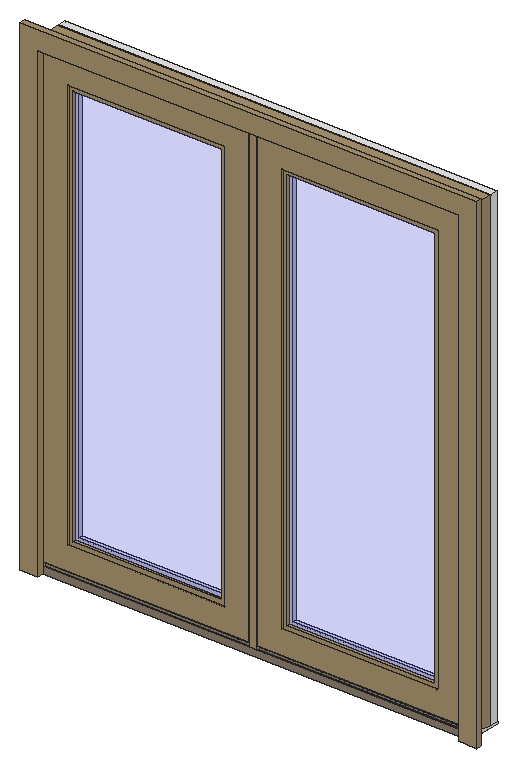
Revit family "Door-In-Swing-Pella-Architect-Contemporary-Double-9", category Doors, host Wall, Revit 2013
Parameters (values of type "default load type catalog")
  Warranty = "https://content.pella.com/cs/groups/public/documents/document/mdaw/mde3/~edisp/pel-017828.pdf?_ga=1.89380059.1797906072.1467308852"
  Vertical Mullions = if(and(Traditional Lites Wide < Max Lites, Traditional Lites Wide > 2), Traditional Lites Wide - 1, if(or(Traditional Lites Wide = Max Lites, Traditional Lites Wide > Max Lites), Max Lites - 1, 2))  # 2
  Vertical Grille Offset = Vertical Grille Spacing  # 0' - 8 1/4"
  Vertical Grille Spacing = Panel Grille Width / (Vertical Mullions + 1)  # 0' - 8 1/4"
  URL = "http://professional.pella.com"
  Type Comments = if(Fixed Panel, "Active/Fixed", "Active/Passive")  # "Active/Passive"
  Traditional Lites Wide = 2
  Traditional Lites High = 5
  Traditional Grille Single Vertical = and(Traditional Lites Wide = 2, Traditional Grille)  # no
  Traditional Grille Single Horizontal = and(Traditional Lites High = 2, Traditional Grille)  # no
  Trim = yes
  Traditional Grille Vertical Array = and(Traditional Lites Wide > 2, Traditional Grille)  # no
  Traditional Grille Horizontal Array = and(Traditional Lites High > 2, Traditional Grille)  # no
  Traditional Grille = no
  Thickness = if(Requested Frame Depth < 0' 6", 0' 5 7/8", if(Requested Frame Depth < 0' 7", 0' 6", if(Requested Frame Depth < 0' 8", 0' 7 7/8", 0' 8 5/8")))  # 0' - 5 7/8"
  Specification = "http://media.pella.com/professional/adm/Wood-CSI_Specs/08213.rtf"
  Sill Height = 0' - 5 7/8"  # constant formula
  Rough Width = Width + 0' 0 3/4"  # 6' - 0 3/4"
  Rough Height = Height + 0' 0 3/4"  # 6' - 8 1/4"
  Requested Width = 6' - 0"
  Requested Height = 6' - 7 1/2"
  Requested Frame Depth = 0' - 5 7/8"
  Product Page URL = "http://professional.pella.com/doors/product-details/in-swing-patio-architect"
  Product Name = "Architect Series"  # constant formula
  Product Documentation Link = "http://media.pella.com/professional/adm/Clad-Wood/IS_ASSZTAB.pdf"
  Prairie Offset = 0' - 3 11/16"  # constant formula
  Prairie Grille = no
  Panel Width = (Width - 0' 2 1/4" - Center Thickness) / 2  # 2' - 10 1/8"
  Panel Height = Height - 0' 2 15/16"  # 6' - 4 9/16"
  Panel Grille Width = Panel Width - 0' 4 11/16" * 2  # 2' - 0 3/4"
  Operation = if(Fixed Panel, "Fixed", "In-Swing")  # "In-Swing"
  Operable = not(Fixed Panel)  # yes
  Offset = 0' - 0"
  Nail Fin = yes
  Model = if(Fixed Panel, "Contemporary Inswing Active/Fixed", "Contemporary Inswing Active/Passive")  # "Contemporary Inswing Active/Passive"
  Min Width = 4' - 2"  # constant formula
  Min Height = 6' - 7 1/2"  # constant formula
  Max Width = 6' - 3"  # constant formula
  Max Lites = 10  # constant formula
  Max Height = 9' - 11 1/2"  # constant formula
  Manufacturer = "Pella"  # constant formula
  Interior Sill = Wood-Pella-Interior_Sill
  Interior Finish = Wood-Pella-Pine
  Inset = 0' - 0"
  Horizontal Mullions = if(and(Traditional Lites High < Max Lites, Traditional Lites High > 3), Traditional Lites High - 1, if(or(Traditional Lites High = Max Lites, Traditional Lites High > Max Lites), Max Lites - 1, 2))  # 4
  Horizontal Grille Spacing = Grille Height / (Horizontal Mullions + 1)  # 1' - 1.4625"
  Horizontal Grille Offset = Horizontal Grille Spacing  # 1' - 1.4625"
  Grille Width = 0' - 0 7/8"  # constant formula
  Grille Height = Height - (Sill Height + 0' 6 5/16")  # 5' - 7 5/16"
  Glass Thickness = 0' - 0 103/128"  # constant formula
  Glass = Glass-Pella-Low_E-Argon
  Function = Exterior
  Frame Projection Ext. = 0' - 1"
  Frame Projection Int. = 0' - 1"
  Frame Width = 0' - 3"
  Height = if(and(Requested Height < Max Height, Requested Height > Min Height), Requested Height, if(or(Requested Height = Max Height, Requested Height > Max Height), Max Height, Min Height))  # 6' - 7 1/2"
  Wall Closure = By host
  Width = if(and(Requested Width < Max Width, Requested Width > Min Width), Requested Width, if(or(Requested Width = Max Width, Requested Width > Max Width), Max Width, Min Width))  # 6' - 0"
  Fixed Panel = no
  Exterior Finish = Aluminum-Pella-EnduraClad-White
  Energy Star = "http://www.pella.com/features-options/energy-efficiency/energy-star/"
  Description = "In-Swing Patio Door"  # constant formula
  Center Thickness = 0' - 1 1/2"  # constant formula
  Assembly Code = "B2030130"
Reference planes (in)
  plane 1 "Center (Front/Back)": y = 0
  plane 2 "Center (Left/Right)": x = 0
  plane 3 "Left": x = -36
  plane 4 "Right": x = 36
  plane 5 "Top": z = 79.5
  plane 6 "Exterior": y = 3
  plane 7 "Interior": y = -3
  plane 8 "Front": y = 2.875
  plane 9 "Back": y = -3
  plane 10 "Glass Front": y = -1.48091
  plane 11 "Glass Back": y = -2.28559
  plane 12 "Glass Right": x = 30.68812
  plane 13 "Glass Left": x = -30.68812
  plane 14 "Glass Top": z = 74.18812
  plane 15 "Glass Bottom": z = 5.875
  plane 16 "Inset": y = -3
  plane 17 "Nail Fin": y = 1.57891
  plane 18 "Grille Bottom": z = 6.374
  plane 19 "Grille Top": z = 73.68762
  plane 20 "Grille Right": x = 30.18762
  plane 21 "Grille Left": x = -30.18762
  plane 22 "Front of Panel": y = -0.87853
  plane 23 "Center Left": x = -0.75
  plane 24 "Center Right": x = 0.75
  plane 25 "Grille Center Left": x = -5.43738
  plane 26 "Grille Center Right": x = 5.43738
Forms (in)
  Extrusion 1, solid, material "Wood-Pella-Pine" <- "Interior Finish", visible <- "Trim"
    sketch origin (-90, -3, 0) x (1, 0, 0) y (0, 0, 1)
      loop
        line (55, 0) -> (55, 78.5) -> (125, 78.5) -> (125, 0) -> (128, 0) -> (128, 81.5) -> (52, 81.5) -> (52, 0) -> (55, 0)
    from 0 to 1
  Extrusion 2, solid, material "Aluminum-Pella-EnduraClad-White" <- "Exterior Finish", detail levels medium+fine
    sketch origin (0, 0, 0) x (0, 1, 0) y (0, 0, 1)
      loop
        line (2.875, 0) -> (2.875, 0.3) -> (1.09367, 0.3) -> (-0.95217, 0.74866) -> (-0.95217, 1.30643) -> (-1.02217, 1.30643) -> (-1.02217, 0.76401) -> (-1.404, 0.84774) -> (-1.404, 0) -> (2.875, 0)
    from -36 to 36
  Sweep 3, solid, material "Aluminum-Pella-EnduraClad-White" <- "Exterior Finish", detail levels medium+fine
    path origin (0, 2.875, 0) x (-1, 0, 0) y (0, 0, 1)
      loop
        line (36, 0.3) -> (36, 79.5) -> (-36, 79.5) -> (-36, 0.3)
    profile origin (-36, 2.875, 39.9) x (1, 0, 0) y (0, 1, 0)
      loop
        line (0.197, 0) -> (0.197, -0.377) -> (0.09, -0.377) -> (0.09, -0.05547) -> (0, -0.05547) -> (0, -1.39263) -> (1, -1.39263) -> (1, -3.48051) -> (1.54788, -3.48051) -> (1.54788, -1.34227) -> (0.79016, -1.34227) -> (0.79016, -0.05582) -> (0.56176, -0.05582) -> (0.38618, 0) -> (0.197, 0)
  Extrusion 4, solid, material "Aluminum-Pella-EnduraClad-White" <- "Exterior Finish", detail levels coarse
    sketch origin (0, -1.48091, 0) x (-1, 0, 0) y (0, 0, 1)
      loop
        line (-36, 0) -> (36, 0) -> (36, 79.5) -> (-36, 79.5) -> (-36, 0)
      loop
        line (-34.45212, 1.36422) -> (34.45212, 1.36422) -> (34.45212, 77.95212) -> (-34.45212, 77.95212) -> (-34.45212, 1.36422)
    from 0 to 4.35591
  Extrusion 5, solid, material "Aluminum-Pella-EnduraClad-White" <- "Exterior Finish", detail levels coarse
    sketch origin (0, -1.48091, 0) x (-1, 0, 0) y (0, 0, 1)
      loop
        line (-30.18762, 6.374) -> (-5.43738, 6.374) -> (-5.43738, 73.68762) -> (-30.18762, 73.68762) -> (-30.18762, 6.374)
      loop
        line (30.18762, 73.68762) -> (5.43738, 73.68762) -> (5.43738, 6.374) -> (30.18762, 6.374) -> (30.18762, 73.68762)
      loop
        line (-34.45212, 77.95212) -> (-34.45212, 1.36422) -> (34.45212, 1.36422) -> (34.45212, 77.95212) -> (-34.45212, 77.95212)
    from 0 to 0.60238
  Extrusion 6, solid, material "Wood-Pella-Pine" <- "Interior Finish", detail levels coarse
    sketch origin (0, -3, 0) x (1, 0, 0) y (0, 0, 1)
      loop
        line (30.18762, 73.68762) -> (5.43738, 73.68762) -> (5.43738, 6.374) -> (30.18762, 6.374) -> (30.18762, 73.68762)
      loop
        line (-30.18762, 6.374) -> (-5.43738, 6.374) -> (-5.43738, 73.68762) -> (-30.18762, 73.68762) -> (-30.18762, 6.374)
      loop
        line (36, 0) -> (36, 79.5) -> (-36, 79.5) -> (-36, 0) -> (36, 0)
    from -1.51909 to 0
  Extrusion 7, solid, material "Wood-Pella-Interior_Sill" <- "Interior Sill", detail levels medium+fine
    sketch origin (-30.68812, 0, 0) x (0, -1, 0) y (0, 0, 1)
      loop
        line (1.404, 0) -> (3, 0) -> (3, 1.0955) -> (2.69625, 1.0955) -> (2.69625, 1.48777) -> (1.76928, 1.48777) -> (1.404, 1.12249) -> (1.404, 0)
    from -65.68812 to 4.31188
  Sweep 8, solid, material "Wood-Pella-Pine" <- "Interior Finish", detail levels medium+fine
    path origin (0, -3, 0) x (-1, 0, 0) y (0, 0, 1)
      loop
        line (36, 0) -> (36, 79.5) -> (-36, 79.5) -> (-36, 0)
    profile origin (-36, -3, 39.75) x (1, 0, 0) y (0, 1, 0)
      loop
        line (0, 0) -> (1, 0) -> (1, 4.48237) -> (0, 4.48237) -> (0, 0)
  Extrusion 9, solid, material "Wood-Pella-Pine" <- "Interior Finish", detail levels medium+fine
    sketch origin (0, 0, 5.875) x (0, 1, 0) y (-1, 0, 0)
      loop
        line (-3, -0.625) -> (-0.60612, -0.625) -> (-0.60612, 0.625) -> (-3, 0.625) -> (-3, -0.625)
    from -4.7795 to 73.625
  Extrusion 10, solid, material "Aluminum-Pella-EnduraClad-White" <- "Exterior Finish", detail levels medium+fine
    sketch origin (0, 0, 5.875) x (0, 1, 0) y (-1, 0, 0)
      loop
        line (-0.60612, 1.11775) -> (-0.60612, -1.11775) -> (1.13079, -1.11775) -> (1.13079, -1.18719) -> (1.50788, -1.18719) -> (1.50788, 1.18719) -> (1.13079, 1.18719) -> (1.13079, 1.11775) -> (-0.60612, 1.11775)
    from -5.875 to 72.07712
Cuts and joins
  joined: Sweep 8, Extrusion 9
Lines and regions (in)
  Opening 1
    outline origin (-90, -3, 0) x (1, 0, 0) y (0, 0, 1)
      loop
        line (54, 0) -> (126, 0) -> (126, 79.5) -> (54, 79.5) -> (54, 0)
  symbolic lines, style "Doors"
    curve 1: line (34.875, -3, 5.875) -> (32.78125, -3, 5.875)
    curve 2: line (34.875, -37.125, 5.875) -> (34.875, -3, 5.875)
    curve 3: line (32.78125, -37.125, 5.875) -> (34.875, -37.125, 5.875)
    curve 4: line (32.78125, -3, 5.875) -> (32.78125, -37.125, 5.875)
  symbolic lines, style "Elevation Swing", visible <- "Operable"
    curve 5: line (0, 2.875, 39.75) -> (-36, 2.875, 79.5)
    curve 6: line (0, 2.875, 39.75) -> (-36, 2.875, 0)
    curve 12: arc (-34.875, -37.125, 5.875) -> (-10.74498, -27.13002, 5.875) -> (-0.75, -3, 5.875) r 34.125
  symbolic lines, style "Elevation Swing"
    curve 7: arc (34.875, -37.125, 5.875) -> (10.74498, -27.13002, 5.875) -> (0.75, -3, 5.875) r 34.125
    curve 13: line (0, 2.875, 39.75) -> (36, 2.875, 79.5)
    curve 14: line (0, 2.875, 39.75) -> (36, 2.875, 0)
  symbolic lines, style "Doors", visible <- "Operable"
    curve 8: line (-34.875, -3, 5.875) -> (-32.78125, -3, 5.875)
    curve 9: line (-34.875, -37.125, 5.875) -> (-34.875, -3, 5.875)
    curve 10: line (-32.78125, -37.125, 5.875) -> (-34.875, -37.125, 5.875)
    curve 11: line (-32.78125, -3, 5.875) -> (-32.78125, -37.125, 5.875)
  model lines, detail levels coarse
    curve 15: line (1.18719, -0.87853, 0) -> (1.18719, -0.87853, 79.5)
    curve 16: line (-1.18719, -0.87853, 0) -> (-1.18719, -0.87853, 79.5)
Text (in)
  text "Exterior" at (-74.96733, 27.31104, 0), in view "Ref. Level"
  text "Interior" at (-74.96733, -25.14366, 0), in view "Ref. Level"
  text "Exterior" at (0, 40.15149, 123.01588), in view "Right"
  text "Interior" at (0, -64.39139, 123.01588), in view "Right"
  text "Interior" at (0, -31.01599, 123.00693), in view "Left"
  text "Exterior" at (0, 54.57065, 123.00693), in view "Left"
Dimensions and locks (in)
  equal spacing: plane 3 "Left", plane 2 "Center (Left/Right)", plane 4 "Right"
  "Height": level to plane 5 "Top"
  "Width": plane 3 "Left" to plane 4 "Right"
  "Frame Width": Extrusion 1 sketch curve to Extrusion 1 sketch curve  (x3)
  "Frame Projection Int.": Extrusion 1 to host wall
  "Glass Thickness": plane 11 "Glass Back" to plane 10 "Glass Front"
  locked: plane 11 "Glass Back" to plane 9 "Back" at 0.71441
  plane 3 "Left" to plane 13 "Glass Left" to plane 21 "Grille Left" = 0' - 5.31188" locked, 0' - 0.5005" locked
  locked: plane 18 "Grille Bottom" to plane 15 "Glass Bottom" at 0.499
  plane 19 "Grille Top" to plane 14 "Glass Top" to plane 5 "Top" = 0' - 0.5005" locked, 0' - 5.31188" locked
  level to Sweep 3 sketch curve to Sweep 3 sketch curve = 0' - 0.3" locked, 0' - 0" locked
  "Inset": plane 7 "Interior" to plane 16 "Inset"
  locked: plane 8 "Front" to plane 17 "Nail Fin" at 1.29609
  "Thickness": plane 8 "Front" to plane 9 "Back"
  "Offset": plane 9 "Back" to plane 16 "Inset"
  locked: Extrusion 4 sketch curve to plane 5 "Top" at 1.54788
  level to Extrusion 4 sketch curve = 0' - 1.36422"
  locked: Extrusion 4 sketch curve to plane 4 "Right" at 1.54788
  locked: plane 3 "Left" to Extrusion 4 sketch curve at 1.54788
  locked: level to Extrusion 5 sketch curve at 1.36422
  locked: Extrusion 5 sketch curve to plane 5 "Top" at 1.54788
  locked: Extrusion 5 sketch curve to plane 4 "Right" at 1.54788
  locked: plane 3 "Left" to Extrusion 5 sketch curve at 1.54788
  "Prairie Offset": plane 18 "Grille Bottom" to nested 5
  "Prairie Offset": nested 6 to plane 19 "Grille Top"
  "Prairie Offset": nested 7 to plane 21 "Grille Left"
  "Prairie Offset": nested 8 to plane 20 "Grille Right"
  equal spacing: plane 15 "Glass Bottom", nested 9, plane 14 "Glass Top"
  "Horizontal Grille Offset": plane 15 "Glass Bottom" to nested 11
  equal spacing: group 1, group 2, group 5, group 6  (x3)
  "Horizontal Grille Spacing": nested 11 to nested 12
  locked: plane 20 "Grille Right" to nested 12 at 0
  "Vertical Grille Offset": plane 21 "Grille Left" to nested 13
  group 3 to group 4 = 0' - 8 1/4"
  group 3 to group 4 = 0' - 0"
  group 4 to group 3 = 0' - 0"
  locked: nested 14 to plane 10 "Glass Front" at 0
  "Vertical Grille Spacing": nested 13 to nested 14
  Extrusion 2 sketch curve to Extrusion 2 sketch curve to Extrusion 2 sketch curve to Extrusion 2 sketch curve to plane 9 "Back" = 0' - 2.04583" locked, 0' - 0.07" locked, 0' - 0.38183" locked, 0' - 1.596" locked
  Extrusion 2 sketch curve to Extrusion 2 sketch curve to Extrusion 2 sketch curve to Extrusion 2 sketch curve to Extrusion 2 sketch curve to level = 0' - 0.45869" locked, 0' - 0.08374" locked, 0' - 0.01535" locked, 0' - 0.44865" locked, 0' - 0.3" locked
  plane 20 "Grille Right" to plane 12 "Glass Right" to plane 4 "Right" = 0' - 0.5005" locked, 0' - 5.31188" locked
  locked: plane 10 "Glass Front" to nested 10 at 0
  Extrusion 7 sketch curve to Extrusion 7 sketch curve to Extrusion 7 sketch curve to plane 9 "Back" = 0' - 0.36528" locked, 0' - 0.92698" locked, 0' - 0.30375" locked
  Extrusion 7 sketch curve to Extrusion 7 sketch curve to Extrusion 7 sketch curve to level = 0' - 0.36528" locked, 0' - 0.02699" locked, 0' - 1.0955" locked
  locked: plane 3 "Left" to Sweep 8 sketch curve at 1
  locked: plane 8 "Front" to Sweep 8 sketch curve at 1.39263
  "Sill Height": plane 15 "Glass Bottom" to level
  plane 3 "Left" to Sweep 3 sketch curve to Sweep 3 sketch curve to Sweep 3 sketch curve to Sweep 3 sketch curve to Sweep 3 sketch curve to Sweep 3 sketch curve = 0' - 0.09" locked, 0' - 0.107" locked, 0' - 0.36476" locked, 0' - 0.22839" locked, 0' - 0.20984" locked, 0' - 0.54788" locked
  plane 8 "Front" to Sweep 3 sketch curve to Sweep 3 sketch curve to Sweep 3 sketch curve to Sweep 3 sketch curve to Sweep 3 sketch curve = 0' - 0.05547" locked, 0' - 0.00035" locked, 0' - 0.32118" locked, 0' - 0.96527" locked, 0' - 0.05035" locked
  curve 4 to curve 2 to plane 4 "Right" = 0' - 2 3/32" locked, 0' - 1 1/8" locked
  "Panel Width": curve 3 to plane 9 "Back"
  locked: Sweep 3 sketch curve to plane 9 "Back" at 2.39449
  locked: nested 4 to plane 9 "Back" at 0
  locked: plane 3 "Left" to Extrusion 7 at 1
  locked: plane 4 "Right" to Extrusion 7 at 1
  equal spacing: level, curve 6, plane 5 "Top"
  locked: nested 14 to plane 18 "Grille Bottom" at 0
  locked: plane 18 "Grille Bottom" to nested 13 at 0
  locked: Extrusion 1 sketch curve to plane 4 "Right" at 1
  locked: plane 3 "Left" to Extrusion 1 sketch curve at 1
  locked: Extrusion 1 sketch curve to plane 5 "Top" at 1
  locked: plane 22 "Front of Panel" to plane 9 "Back" at 2.12147
  locked: nested 17 to plane 4 "Right" at 1.125
  locked: plane 3 "Left" to nested 18 at 1.125
  level to nested 18 to nested 17 = 0' - 1 13/16" locked, 0' - 0" locked
  equal spacing: plane 23 "Center Left", plane 2 "Center (Left/Right)", plane 24 "Center Right"
  "Center Thickness": plane 23 "Center Left" to plane 24 "Center Right"
  locked: plane 25 "Grille Center Left" to plane 23 "Center Left" at 4.68738
  locked: plane 24 "Center Right" to plane 26 "Grille Center Right" at 4.68738
  equal spacing: plane 21 "Grille Left", nested 10, plane 25 "Grille Center Left"
  "Prairie Offset": nested 20 to plane 25 "Grille Center Left"
  "Prairie Offset": plane 26 "Grille Center Right" to nested 21
  equal spacing: plane 26 "Grille Center Right", nested 22, plane 20 "Grille Right"
  group 8 to group 7 = 0' - 8 1/4"
  group 7 to group 8 = 0' - 0"  (x2)
  "Vertical Grille Offset": nested 23 to plane 20 "Grille Right"
  "Vertical Grille Spacing": nested 24 to nested 23
  plane 18 "Grille Bottom" to nested 23 to nested 24 = 0' - 0" locked, 0' - 0" locked
  "Prairie Offset": plane 18 "Grille Bottom" to nested 25
  "Prairie Offset": nested 26 to plane 19 "Grille Top"
  equal spacing: plane 18 "Grille Bottom", nested 27, plane 19 "Grille Top"
  equal spacing: group 9, group 10, group 11, group 12  (x3)
  nested 28 to nested 29 to plane 21 "Grille Left" = 0' - 0" locked, 0' - 0" locked
  "Horizontal Grille Offset": plane 18 "Grille Bottom" to nested 28
  "Horizontal Grille Spacing": nested 28 to nested 29
  locked: plane 9 "Back" to nested 19
  locked: plane 9 "Back" to Extrusion 9 sketch curve at 2.39388
  locked: plane 23 "Center Left" to Extrusion 9 sketch curve at 0.125
  locked: Extrusion 9 sketch curve to plane 24 "Center Right" at 0.125
  locked: cut or joined group of Sweep 8, Extrusion 9 to level at 1.0955
  Extrusion 10 sketch curve to Extrusion 10 sketch curve to Extrusion 10 sketch curve to Extrusion 10 sketch curve to plane 9 "Back" = 0' - 0.37709" locked, 0' - 0" locked, 0' - 1.73691" locked, 0' - 2.39388" locked
  Extrusion 10 sketch curve to Extrusion 10 sketch curve to plane 23 "Center Left" = 0' - 0.06944" locked, 0' - 0.36775" locked
  plane 24 "Center Right" to Extrusion 10 sketch curve to Extrusion 10 sketch curve = 0' - 0.36775" locked, 0' - 0.06944" locked
  locked: Extrusion 10 to plane 5 "Top" at 1.54788
  locked: plane 10 "Glass Front" to nested 24 at 0
  locked: nested 23 to plane 10 "Glass Front" at 0
  curve 11 to curve 9 to plane 3 "Left" = 0' - 2 3/32" locked, 0' - 1 1/8" locked
  "Panel Width": plane 9 "Back" to curve 10
  locked: curve 15 to plane 24 "Center Right" at 0.43719
  locked: curve 16 to plane 23 "Center Left" at 0.43719
  aligned and locked: plane 3 "Left" to Opening 1 sketch curve
  aligned and locked: plane 5 "Top" to Opening 1 sketch curve  (x2)
  aligned and locked: Opening 1 sketch curve to plane 4 "Right"
  aligned and locked: Opening 1 sketch curve to level
  aligned and locked: level to Extrusion 1 sketch curve
  aligned and locked: Extrusion 1 sketch curve to level
  aligned and locked: Extrusion 1 to host wall
  aligned and locked: plane 6 "Exterior" to host wall
  aligned and locked: plane 7 "Interior" to host wall
  aligned and locked: plane 3 "Left" to nested 1
  aligned and locked: plane 9 "Back" to nested 1
  aligned and locked: plane 4 "Right" to nested 2
  aligned and locked: nested 2 to plane 9 "Back"
  aligned and locked: level to nested 3
  aligned and locked: nested 3 to plane 9 "Back"
  aligned and locked: Extrusion 2 sketch curve to level
  aligned and locked: plane 8 "Front" to Extrusion 2 sketch curve
  aligned and locked: Sweep 3 sketch curve to plane 5 "Top"
  aligned and locked: plane 3 "Left" to Sweep 3 sketch curve
  aligned and locked: Sweep 3 sketch curve to plane 4 "Right"
  aligned and locked: Sweep 3 sketch curve to plane 8 "Front"
  aligned and locked: Sweep 3 sketch curve to plane 3 "Left"
  aligned and locked: Extrusion 2 to plane 4 "Right"
  aligned and locked: plane 3 "Left" to Extrusion 2
  aligned and locked: Extrusion 4 sketch curve to plane 5 "Top"
  aligned and locked: Extrusion 4 sketch curve to level
  aligned and locked: Extrusion 4 sketch curve to plane 4 "Right"
  aligned and locked: plane 3 "Left" to Extrusion 4 sketch curve
  aligned and locked: Extrusion 4 to plane 10 "Glass Front"
  aligned and locked: plane 8 "Front" to Extrusion 4
  aligned and locked: plane 10 "Glass Front" to nested 7
  aligned and locked: nested 8 to plane 10 "Glass Front"
  aligned and locked: plane 20 "Grille Right" to nested 5
  aligned and locked: plane 20 "Grille Right" to nested 6
  aligned and locked: plane 20 "Grille Right" to nested 9
  aligned and locked: plane 20 "Grille Right" to nested 11
  aligned and locked: plane 10 "Glass Front" to nested 13
  aligned and locked: plane 5 "Top" to Extrusion 6 sketch curve
  aligned and locked: Extrusion 6 sketch curve to plane 3 "Left"
  aligned and locked: level to Extrusion 6 sketch curve
  aligned and locked: plane 4 "Right" to Extrusion 6 sketch curve
  aligned and locked: plane 10 "Glass Front" to Extrusion 6
  aligned and locked: Extrusion 6 to plane 9 "Back"
  aligned and locked: level to Extrusion 7 sketch curve
  aligned and locked: plane 9 "Back" to Extrusion 7 sketch curve
  aligned and locked: plane 5 "Top" to Sweep 8 sketch curve
  aligned and locked: Sweep 8 sketch curve to plane 3 "Left"
  aligned and locked: plane 4 "Right" to Sweep 8 sketch curve
  aligned and locked: level to Sweep 8 sketch curve  (x2)
  aligned and locked: Sweep 8 sketch curve to plane 9 "Back"
  aligned and locked: plane 3 "Left" to Sweep 8 sketch curve
  aligned and locked: plane 19 "Grille Top" to Extrusion 6 sketch curve  (x2)
  aligned and locked: Extrusion 6 sketch curve to plane 18 "Grille Bottom"  (x2)
  aligned and locked: Extrusion 6 sketch curve to plane 21 "Grille Left"
  aligned and locked: plane 19 "Grille Top" to Extrusion 5 sketch curve  (x2)
  aligned and locked: plane 20 "Grille Right" to Extrusion 5 sketch curve
  aligned and locked: Extrusion 5 sketch curve to plane 18 "Grille Bottom"  (x2)
  aligned and locked: Extrusion 5 sketch curve to plane 21 "Grille Left"
  aligned and locked: plane 9 "Back" to curve 1
  aligned and locked: nested 4 to plane 5 "Top"
  aligned and locked: plane 5 "Top" to curve 5
  aligned and locked: level to curve 6
  aligned and locked: Extrusion 5 to plane 10 "Glass Front"
  aligned and locked: plane 20 "Grille Right" to Extrusion 6 sketch curve
  aligned and locked: plane 22 "Front of Panel" to nested 17
  aligned and locked: nested 18 to plane 22 "Front of Panel"
  aligned and locked: plane 2 "Center (Left/Right)" to nested 19
  aligned and locked: plane 10 "Glass Front" to nested 20
  aligned and locked: plane 18 "Grille Bottom" to nested 20
  aligned and locked: nested 21 to plane 10 "Glass Front"
  aligned and locked: nested 21 to plane 18 "Grille Bottom"
  aligned and locked: nested 22 to plane 10 "Glass Front"
  aligned and locked: nested 22 to plane 18 "Grille Bottom"
  aligned and locked: nested 23 to plane 10 "Glass Front"
  aligned and locked: nested 23 to plane 18 "Grille Bottom"
  aligned and locked: nested 25 to plane 21 "Grille Left"
  aligned and locked: nested 26 to plane 21 "Grille Left"
  aligned and locked: nested 27 to plane 21 "Grille Left"
  aligned and locked: nested 28 to plane 21 "Grille Left"
  aligned and locked: plane 9 "Back" to Extrusion 9 sketch curve
  aligned and locked: Extrusion 9 to plane 5 "Top"
  aligned and locked: Extrusion 10 to level
  aligned and locked: plane 24 "Center Right" to curve 7
  aligned and locked: plane 3 "Left" to curve 5
  aligned and locked: plane 3 "Left" to curve 6
  aligned and locked: curve 8 to plane 9 "Back"
  aligned and locked: plane 4 "Right" to curve 14
  aligned and locked: level to curve 14
  aligned and locked: plane 4 "Right" to curve 13
  aligned and locked: plane 5 "Top" to curve 13
  aligned and locked: plane 2 "Center (Left/Right)" to curve 13
  aligned and locked: Extrusion 5 sketch curve to plane 26 "Grille Center Right"
  aligned and locked: Extrusion 5 sketch curve to plane 25 "Grille Center Left"
  aligned and locked: Extrusion 6 sketch curve to plane 26 "Grille Center Right"
  aligned and locked: Extrusion 6 sketch curve to plane 25 "Grille Center Left"
  aligned and locked: plane 22 "Front of Panel" to Extrusion 5
  aligned and locked: level to curve 15
  aligned and locked: plane 5 "Top" to curve 15
  aligned and locked: plane 5 "Top" to curve 16
  aligned and locked: level to curve 16
Automatic sketch dimensions
  Extrusion 1 sketch curve to level = 0' - 0"
  Sweep 3 sketch curve to profile plane = 0' - 0.38618"
  curve 12 to plane 23 "Center Left" = 0' - 0"
Nested families (in)
  nested 1: "Nested-Pella-Architect-IS-Frame-Jamb" at (-36, 2.09827, 0) x (0, -1, 0) z (0, 0, 1), type "Jamb"
  nested 2: "Nested-Pella-Architect-IS-Frame-Jamb" at (36, 2.09827, 0) x (0, -1, 0) z (0, 0, 1), type "Jamb"
  nested 3: "Nested-Pella-Architect-IS-Frame-Sill" at (0, 2.11763, 0) x (0, -1, 0) z (1, 0, 0), type "Sill"
  nested 4: "Nested-Pella-Architect-IS-Frame-Jamb" at (0, 2.09827, 79.5) x (0, -1, 0) z (1, 0, 0), type "Jamb"
  nested 5: "Nested-Mullion-Pella" at (17.81262, -1.88325, 9.624), visible <- "Prairie Grille", type "Horizontal Mullion"
    with Width 2' - 0 3/4", Glass Thickness 0' - 0 103/128", Depth 0' - 1 71/128"
  nested 6: "Nested-Mullion-Pella" at (17.81262, -1.88325, 69.56262), visible <- "Prairie Grille", type "Horizontal Mullion"
    with Width 2' - 0 3/4", Glass Thickness 0' - 0 103/128", Depth 0' - 1 71/128"
  nested 7: "Nested-Mullion-Pella" at (-26.50012, -1.88325, 6.374), visible <- "Prairie Grille", type "Vertical Mullion"
    with Height 5' - 7 5/16", Glass Thickness 0' - 0 103/128", Depth 0' - 1 71/128"
  nested 8: "Nested-Mullion-Pella" at (26.50012, -1.88325, 6.374) x (-1, 0, 0) z (0, 0, 1), visible <- "Prairie Grille", type "Vertical Mullion"
    with Height 5' - 7 5/16", Glass Thickness 0' - 0 103/128", Depth 0' - 1 71/128"
  nested 9: "Nested-Mullion-Pella" at (17.81262, -1.88325, 39.59406), visible <- "Traditional Grille Single Horizontal", type "Horizontal Mullion"
    with Width 2' - 0 3/4", Glass Thickness 0' - 0 103/128", Depth 0' - 1 71/128"
  nested 10: "Nested-Mullion-Pella" at (-17.8125, -1.88325, 6.374) x (-1, 0, 0) z (0, 0, 1), visible <- "Traditional Grille Single Vertical", type "Vertical Mullion"
    with Height 5' - 7 5/16", Glass Thickness 0' - 0 103/128", Depth 0' - 1 71/128"
  nested 11: "Nested-Mullion-Pella" at (17.81262, -1.88325, 18.9), visible <- "Traditional Grille Horizontal Array", type "Horizontal Mullion"
    with Width 2' - 0 3/4", Glass Thickness 0' - 0 103/128", Depth 0' - 1 71/128"
  nested 12: "Nested-Mullion-Pella" at (17.81262, -1.88325, 32.3625), visible <- "Traditional Grille Horizontal Array", type "Horizontal Mullion"
    with Width 2' - 0 3/4", Glass Thickness 0' - 0 103/128", Depth 0' - 1 71/128"
  nested 13: "Nested-Mullion-Pella" at (-21.93762, -1.88325, 6.374), visible <- "Traditional Grille Vertical Array", type "Vertical Mullion"
    with Height 5' - 7 5/16", Glass Thickness 0' - 0 103/128", Depth 0' - 1 71/128"
  nested 14: "Nested-Mullion-Pella" at (-13.68762, -1.88325, 6.374), visible <- "Traditional Grille Vertical Array", type "Vertical Mullion"
    with Height 5' - 7 5/16", Glass Thickness 0' - 0 103/128", Depth 0' - 1 71/128"
  nested 15: "Nested-Mullion-Pella" at (17.81262, -1.88325, 45.825), visible <- "Traditional Grille Horizontal Array", type "Horizontal Mullion"
    with Width 2' - 0 3/4", Glass Thickness 0' - 0 103/128", Depth 0' - 1 71/128"
  nested 16: "Nested-Mullion-Pella" at (17.81262, -1.88325, 59.2875), visible <- "Traditional Grille Horizontal Array", type "Horizontal Mullion"
    with Width 2' - 0 3/4", Glass Thickness 0' - 0 103/128", Depth 0' - 1 71/128"
  nested 17: "Nested-Pella-Contemporary-InSwing_Panel" at (17.8125, -1.90978, 1.8125), type "Active"
    with Width 2' - 10 1/8", Height 6' - 4 9/16"
  nested 18: "Nested-Pella-Contemporary-InSwing_Panel" at (-17.8125, -1.90978, 1.8125) x (-1, 0, 0) z (0, 0, 1), type "Fixed Passive"
    with Width 2' - 10 1/8", Height 6' - 4 9/16", Fixed no
  nested 19: "Nested-Pella-Architect-IS-Frame-Center" at (0, -3, 5.875), type "Nested-Pella-Architect-IS-Frame-Center"
  nested 20: "Nested-Mullion-Pella" at (-9.12488, -1.88325, 6.374), visible <- "Prairie Grille", type "Vertical Mullion"
    with Height 5' - 7 5/16", Glass Thickness 0' - 0 103/128", Depth 0' - 1 71/128"
  nested 21: "Nested-Mullion-Pella" at (9.12488, -1.88325, 6.374) x (-1, 0, 0) z (0, 0, 1), visible <- "Prairie Grille", type "Vertical Mullion"
    with Height 5' - 7 5/16", Glass Thickness 0' - 0 103/128", Depth 0' - 1 71/128"
  nested 22: "Nested-Mullion-Pella" at (17.8125, -1.88325, 6.374) x (-1, 0, 0) z (0, 0, 1), visible <- "Traditional Grille Single Vertical", type "Vertical Mullion"
    with Height 5' - 7 5/16", Glass Thickness 0' - 0 103/128", Depth 0' - 1 71/128"
  nested 23: "Nested-Mullion-Pella" at (21.93762, -1.88325, 6.374) x (-1, 0, 0) z (0, 0, 1), visible <- "Traditional Grille Vertical Array", type "Vertical Mullion"
    with Height 5' - 7 5/16", Glass Thickness 0' - 0 103/128", Depth 0' - 1 71/128"
  nested 24: "Nested-Mullion-Pella" at (13.68762, -1.88325, 6.374) x (-1, 0, 0) z (0, 0, 1), visible <- "Traditional Grille Vertical Array", type "Vertical Mullion"
    with Height 5' - 7 5/16", Glass Thickness 0' - 0 103/128", Depth 0' - 1 71/128"
  nested 25: "Nested-Mullion-Pella" at (-17.81262, -1.88325, 9.624), visible <- "Prairie Grille", type "Horizontal Mullion"
    with Width 2' - 0 3/4", Glass Thickness 0' - 0 103/128", Depth 0' - 1 71/128"
  nested 26: "Nested-Mullion-Pella" at (-17.81262, -1.88325, 69.56262), visible <- "Prairie Grille", type "Horizontal Mullion"
    with Width 2' - 0 3/4", Glass Thickness 0' - 0 103/128", Depth 0' - 1 71/128"
  nested 27: "Nested-Mullion-Pella" at (-17.81262, -1.88325, 39.59331), visible <- "Traditional Grille Single Horizontal", type "Horizontal Mullion"
    with Width 2' - 0 3/4", Glass Thickness 0' - 0 103/128", Depth 0' - 1 71/128"
  nested 28: "Nested-Mullion-Pella" at (-17.81262, -1.88325, 19.399), visible <- "Traditional Grille Horizontal Array", type "Horizontal Mullion"
    with Width 2' - 0 3/4", Glass Thickness 0' - 0 103/128", Depth 0' - 1 71/128"
  nested 29: "Nested-Mullion-Pella" at (-17.81262, -1.88325, 32.8615), visible <- "Traditional Grille Horizontal Array", type "Horizontal Mullion"
    with Width 2' - 0 3/4", Glass Thickness 0' - 0 103/128", Depth 0' - 1 71/128"
  nested 30: "Nested-Mullion-Pella" at (-17.81262, -1.88325, 46.324), visible <- "Traditional Grille Horizontal Array", type "Horizontal Mullion"
    with Width 2' - 0 3/4", Glass Thickness 0' - 0 103/128", Depth 0' - 1 71/128"
  nested 31: "Nested-Mullion-Pella" at (-17.81262, -1.88325, 59.7865), visible <- "Traditional Grille Horizontal Array", type "Horizontal Mullion"
    with Width 2' - 0 3/4", Glass Thickness 0' - 0 103/128", Depth 0' - 1 71/128"
Definition of nested family "Nested-Mullion-Pella"
  Parameters (values of type "Horizontal Mullion")
    Width = 2' - 2 153/256"
    Vertical = no
    URL = "http://www.pella.com/"
    Type Comments = "Mullion"  # constant formula
    Model = "Mullion for Pella Models"  # constant formula
    Manufacturer = "Pella"  # constant formula
    Interior Finish = Wood-Pella-Pine
    Horizontal = yes
    Height = 0' - 0 7/8"
    Glass Thickness = 0' - 0 3/4"
    Finish = Aluminum-Pella-EnduraClad-White
    Description = "For use with Pella Models"  # constant formula
    Depth = Glass Thickness + 0' 0 3/4"  # 0' - 1 1/2"
    Default Elevation = 4' - 0"
  Types (2): name | Width | Vertical | Horizontal | Height
    Horizontal Mullion | 2' - 2 153/256" | no | yes | 0' - 0 7/8"
    Vertical Mullion | 0' - 0 7/8" | yes | no | 5' - 9 3/4"
  Reference planes (in)
    plane 1 "Center (Front/Back)": y = 0
    plane 2 "Bottom": z = 0
    plane 3 "Center (Left/Right)": x = 0
    plane 4 "Left": x = -13.29883
    plane 5 "Right": x = 13.29883
    plane 6 "Front": y = -0.75
    plane 7 "Back": y = 0.75
    plane 8 "Top": z = 0.875
    plane 9 "Glass Back": y = 0.375
    plane 10 "Glass Front": y = -0.375
    plane 11 "Center (Elevation)": z = 0.4375
  Forms (in)
    Extrusion 1, solid, material "Aluminum-Pella-EnduraClad-White" <- "Finish", detail levels medium+fine
      sketch origin (0, 0, 0) x (1, 0, 0) y (0, 1, 0)
        loop
          line (-13.29883, 0.75) -> (-13.29883, 0.375) -> (13.29883, 0.375) -> (13.29883, 0.75) -> (-13.29883, 0.75)
      from 0 to 0.875
    Extrusion 2, solid, material "Wood-Pella-Pine" <- "Interior Finish", detail levels medium+fine
      sketch origin (0, 0, 0) x (1, 0, 0) y (0, 1, 0)
        loop
          line (-13.29883, -0.375) -> (-13.29883, -0.75) -> (13.29883, -0.75) -> (13.29883, -0.375) -> (-13.29883, -0.375)
      from 0 to 0.875
    Extrusion 3, solid, detail levels medium+fine
      sketch origin (0, 0, 0) x (1, 0, 0) y (0, 1, 0)
        loop
          line (-13.11133, -0.25) -> (13.11133, -0.25) -> (13.11133, 0.25) -> (-13.11133, 0.25) -> (-13.11133, -0.25)
      from 0 to 0.875
  Lines and regions (in)
    model lines, visible <- "Vertical", detail levels coarse
      curve 1: line (0, -0.375, 0) -> (0, -0.375, 0.875)
      curve 2: line (0, 0.375, 0) -> (0, 0.375, 0.875)
    model lines, visible <- "Horizontal", detail levels coarse
      curve 3: line (-13.29883, 0.375, 0.4375) -> (13.29883, 0.375, 0.4375)
      curve 4: line (-13.29883, -0.375, 0.4375) -> (13.29883, -0.375, 0.4375)
  Dimensions and locks (in)
    equal spacing: plane 4 "Left", plane 3 "Center (Left/Right)", plane 5 "Right"
    "Width": plane 4 "Left" to plane 5 "Right"
    "Height": plane 8 "Top" to level
    equal spacing: plane 10 "Glass Front", plane 1 "Center (Front/Back)", plane 9 "Glass Back"
    "Glass Thickness": plane 10 "Glass Front" to plane 9 "Glass Back"
    equal spacing: plane 7 "Back", plane 1 "Center (Front/Back)", plane 6 "Front"
    "Depth": plane 7 "Back" to plane 6 "Front"
    equal spacing: plane 8 "Top", plane 11 "Center (Elevation)", level
    locked: plane 10 "Glass Front" to Extrusion 3 sketch curve at 0.125
    locked: plane 9 "Glass Back" to Extrusion 3 sketch curve at 0.125
    locked: plane 4 "Left" to Extrusion 3 sketch curve at 0.1875
    locked: Extrusion 3 sketch curve to plane 5 "Right" at 0.1875
    aligned and locked: plane 2 "Bottom" to level
    aligned and locked: plane 3 "Center (Left/Right)" to curve 1
    aligned and locked: plane 8 "Top" to curve 1
    aligned and locked: level to curve 1
    aligned and locked: curve 2 to plane 3 "Center (Left/Right)"
    aligned and locked: plane 8 "Top" to curve 2
    aligned and locked: level to curve 2
    aligned and locked: plane 5 "Right" to curve 3
    aligned and locked: plane 4 "Left" to curve 3
    aligned and locked: plane 11 "Center (Elevation)" to curve 3
    aligned and locked: curve 4 to plane 11 "Center (Elevation)"
    aligned and locked: plane 5 "Right" to curve 4
    aligned and locked: plane 4 "Left" to curve 4
    aligned and locked: plane 9 "Glass Back" to Extrusion 1 sketch curve
    aligned and locked: Extrusion 1 sketch curve to plane 7 "Back"
    aligned and locked: Extrusion 1 sketch curve to plane 4 "Left"
    aligned and locked: Extrusion 1 sketch curve to plane 5 "Right"
    aligned and locked: plane 6 "Front" to Extrusion 2 sketch curve
    aligned and locked: plane 10 "Glass Front" to Extrusion 2 sketch curve
    aligned and locked: Extrusion 2 sketch curve to plane 4 "Left"
    aligned and locked: Extrusion 2 sketch curve to plane 5 "Right"
    aligned and locked: plane 8 "Top" to Extrusion 2
    aligned and locked: Extrusion 2 to level
    aligned and locked: plane 8 "Top" to Extrusion 1
    aligned and locked: Extrusion 1 to level
    aligned and locked: Extrusion 3 to level
    aligned and locked: plane 8 "Top" to Extrusion 3
Definition of nested family "Nested-Pella-Contemporary-InSwing_Panel"
  Parameters (values of type "Active")
    Width = 2' - 9.93945"
    URL = "http://professional.pella.com"
    Type Comments = "For use with Pella Contemporary In-Swing Door Models"  # constant formula
    Thickness = 0' - 2 1/16"  # constant formula
    Model = "Contemporary Inswing Panel"  # constant formula
    Manufacturer = "Pella"  # constant formula
    Interior Finish = Wood-Pella-Pine
    Height = 7' - 9 5/8"
    Glass Finish = Glass-Pella-Low_E-Argon
    Fixed = no
    Exterior Finish = Aluminum-Pella-EnduraClad-White
    Description = "In-Swing"  # constant formula
    Assembly Code = "B2030130"
  Types (2): name | Fixed
    Active | no
    Fixed Passive | yes
  Reference planes (in)
    plane 1 "Center (Front/Back)": y = 0
    plane 2 "Bottom": z = 0
    plane 3 "Center (Left/Right)": x = 0
    plane 4 "Left": x = -16.96973
    plane 5 "Right": x = 16.96973
    plane 6 "Front": y = 1.03125
    plane 7 "Back": y = -1.03125
    plane 8 "Glass Back": y = -0.36894
    plane 9 "Glass Front": y = 0.43575
    plane 10 "Glass Left": x = -12.78284
    plane 11 "Glass Right": x = 12.78223
    plane 12 "Glass Bottom": z = 4.0625
    plane 13 "Top": z = 93.625
    plane 14 "Glass Top": z = 89.43812
  Forms (in)
    Extrusion 1, solid, material "Wood-Pella-Pine" <- "Interior Finish", detail levels medium+fine
      sketch origin (0, 0, 0) x (1, 0, 0) y (0, 1, 0)
        loop
          line (-16.96973, -1.03125) -> (-12.95863, -1.03125) -> (-12.95863, -0.93125) -> (-12.30765, -0.93125) -> (-12.27977, -0.39925) -> (-12.95863, -0.39925) -> (-12.95863, 0.43575) -> (-16.96973, 0.43575) -> (-16.96973, -1.03125)
        loop
          line (16.96973, -1.03125) -> (16.96973, 0.43575) -> (12.95801, 0.43575) -> (12.95801, -0.39925) -> (12.27916, -0.39925) -> (12.30704, -0.93125) -> (12.95801, -0.93125) -> (12.95801, -1.03125) -> (16.96973, -1.03125)
      from 0 to 93.625
    Extrusion 2, solid, material "Aluminum-Pella-EnduraClad-White" <- "Exterior Finish", detail levels medium+fine
      sketch origin (0, 0, 0) x (1, 0, 0) y (0, 1, 0)
        loop
          line (-16.96973, 0.43575) -> (-12.27977, 0.43575) -> (-12.27977, 1.03125) -> (-16.96973, 1.03125) -> (-16.96973, 0.43575)
        loop
          line (16.96973, 0.43575) -> (16.96973, 1.03125) -> (12.27916, 1.03125) -> (12.27916, 0.43575) -> (16.96973, 0.43575)
      from 0 to 93.625
    Extrusion 3, solid, material "Wood-Pella-Pine" <- "Interior Finish", detail levels medium+fine
      sketch origin (0, 0, 0) x (0, 1, 0) y (0, 0, 1)
        loop
          line (-1.03125, 93.625) -> (-1.03125, 89.61562) -> (-0.93125, 89.61562) -> (-0.93125, 88.96465) -> (-0.39925, 88.93677) -> (-0.39925, 89.61562) -> (0.43575, 89.61562) -> (0.43575, 93.625) -> (-1.03125, 93.625)
        loop
          line (-1.03125, 0) -> (0.43575, 0) -> (0.43575, 3.885) -> (-0.39925, 3.885) -> (-0.39925, 4.56385) -> (-0.93125, 4.53597) -> (-0.93125, 3.885) -> (-1.03125, 3.885) -> (-1.03125, 0)
      from -16.96973 to 16.96973
    Extrusion 4, solid, material "Aluminum-Pella-EnduraClad-White" <- "Exterior Finish", detail levels medium+fine
      sketch origin (0, 0, 0) x (0, 1, 0) y (0, 0, 1)
        loop
          line (1.03125, -0.001) -> (1.03125, 4.563) -> (0.43575, 4.563) -> (0.43575, -0.001) -> (1.03125, -0.001)
        loop
          line (1.03125, 93.625) -> (0.43575, 93.625) -> (0.43575, 88.93762) -> (1.03125, 88.93762) -> (1.03125, 93.625)
      from -16.96973 to 16.96973
    Extrusion 5, solid, material "Glass-Pella-Low_E-Argon" <- "Glass Finish"
      sketch origin (0, 0, 0) x (1, 0, 0) y (0, 1, 0)
        loop
          line (-12.78284, -0.36894) -> (12.78223, -0.36894) -> (12.78223, 0.43575) -> (-12.78284, 0.43575) -> (-12.78284, -0.36894)
      from 4.0625 to 89.43812
    Extrusion 6, solid, material "Aluminum-Pella-EnduraClad-White" <- "Exterior Finish", visible <- "Fixed"
      sketch origin (0, 0, 0) x (0, 1, 0) y (0, 0, 1)
        loop
          line (0.48945, -0.87102) -> (0.48945, 0) -> (-0.47709, 0) -> (-0.47709, -0.87102) -> (0.48945, -0.87102)
      from -16.96973 to 16.96973
  Cuts and joins
    joined: Extrusion 2, Extrusion 4
    joined: Extrusion 1, Extrusion 3
  Lines and regions (in)
    Masking region 1, detail levels medium+fine
      outline origin (0, 0, 0) x (0, 1, 0) y (0, 0, 1)
        loop
          line (0.43575, 4.0625) -> (0.43575, 89.43812) -> (0.31375, 89.43812) -> (0.31375, 4.0625) -> (0.43575, 4.0625)
        loop
          line (-0.36894, 89.43812) -> (-0.36894, 4.0625) -> (-0.24694, 4.0625) -> (-0.24694, 89.43812) -> (-0.36894, 89.43812)
    Masking region 2, detail levels coarse
      outline origin (0, 0, 0) x (0, 1, 0) y (0, 0, 1)
        loop
          line (0.43575, 4.563) -> (0.43575, 88.93762) -> (-0.36894, 88.93762) -> (-0.36894, 4.563) -> (0.43575, 4.563)
    Masking region 3, detail levels coarse
      outline origin (0, 0, 0) x (1, 0, 0) y (0, 1, 0)
        loop
          line (-12.28063, -0.36894) -> (12.28001, -0.36894) -> (12.28001, 0.43575) -> (-12.28063, 0.43575) -> (-12.28063, -0.36894)
    Masking region 4, detail levels medium+fine
      outline origin (0, 0, 0) x (1, 0, 0) y (0, 1, 0)
        loop
          line (-12.78284, -0.36894) -> (12.78223, -0.36894) -> (12.78223, -0.24694) -> (-12.78284, -0.24694) -> (-12.78284, -0.36894)
        loop
          line (-12.78284, 0.43575) -> (-12.78284, 0.31375) -> (12.78223, 0.31375) -> (12.78223, 0.43575) -> (-12.78284, 0.43575)
  Dimensions and locks (in)
    equal spacing: plane 4 "Left", plane 3 "Center (Left/Right)", plane 5 "Right"
    "Width": plane 4 "Left" to plane 5 "Right"
    plane 6 "Front" to plane 9 "Glass Front" to plane 8 "Glass Back" = 0' - 0.5955" locked, 0' - 0 103/128" locked
    "Thickness": plane 6 "Front" to plane 7 "Back"
    locked: plane 4 "Left" to plane 10 "Glass Left" at 4.18688
    locked: plane 11 "Glass Right" to plane 5 "Right" at 4.1875
    locked: plane 12 "Glass Bottom" to level at 4.0625
    locked: plane 13 "Top" to plane 14 "Glass Top" at 4.18688
    locked: plane 9 "Glass Front" to Masking region 1 sketch curve at 0.122
    locked: Masking region 1 sketch curve to plane 8 "Glass Back" at 0.122
    locked: plane 14 "Glass Top" to Masking region 2 sketch curve at 0.5005
    locked: Masking region 2 sketch curve to plane 12 "Glass Bottom" at 0.5005
    locked: Masking region 3 sketch curve to plane 11 "Glass Right" at 0.50222
    locked: plane 10 "Glass Left" to Masking region 3 sketch curve at 0.50222
    locked: Masking region 4 sketch curve to plane 9 "Glass Front" at 0.122
    locked: Masking region 4 sketch curve to plane 8 "Glass Back" at 0.122
    Extrusion 1 sketch curve to Extrusion 1 sketch curve to plane 10 "Glass Left" to Extrusion 1 sketch curve to Extrusion 1 sketch curve = 0' - 0" locked, 0' - 0 45/256" locked, 0' - 0.47519" locked, 0' - 0.02788" locked
    Extrusion 1 sketch curve to Extrusion 1 sketch curve to plane 11 "Glass Right" to Extrusion 1 sketch curve to Extrusion 1 sketch curve = 0' - 0.02788" locked, 0' - 0.47519" locked, 0' - 0 45/256" locked, 0' - 0" locked
    Extrusion 1 sketch curve to Extrusion 1 sketch curve to Extrusion 1 sketch curve to Extrusion 1 sketch curve to plane 7 "Back" = 0' - 0" locked, 0' - 0.532" locked, 0' - 0" locked, 0' - 0.1" locked
    locked: plane 10 "Glass Left" to Extrusion 2 sketch curve at 0.50307
    locked: Extrusion 2 sketch curve to plane 11 "Glass Right" at 0.50307
    Extrusion 3 sketch curve to Extrusion 3 sketch curve to plane 14 "Glass Top" to Extrusion 3 sketch curve to Extrusion 3 sketch curve = 0' - 0" locked, 0' - 0.1775" locked, 0' - 0.47347" locked, 0' - 0.02788" locked
    Extrusion 3 sketch curve to Extrusion 3 sketch curve to plane 12 "Glass Bottom" to Extrusion 3 sketch curve to Extrusion 3 sketch curve = 0' - 0" locked, 0' - 0.1775" locked, 0' - 0.47347" locked, 0' - 0.02788" locked
    Extrusion 3 sketch curve to Extrusion 3 sketch curve to Extrusion 3 sketch curve to Extrusion 3 sketch curve to plane 7 "Back" = 0' - 0" locked, 0' - 0.532" locked, 0' - 0" locked, 0' - 0.1" locked
    locked: Extrusion 4 sketch curve to plane 12 "Glass Bottom" at 0.5005
    locked: plane 14 "Glass Top" to Extrusion 4 sketch curve at 0.5005
    locked: level to Extrusion 6 sketch curve at 0.87102
    plane 6 "Front" to Extrusion 6 sketch curve to Extrusion 6 sketch curve = 0' - 0.5418" locked, 0' - 0.96654" locked
    "Height": plane 13 "Top" to level
    equal spacing: plane 6 "Front", plane 1 "Center (Front/Back)", plane 7 "Back"
    aligned and locked: plane 2 "Bottom" to level
    aligned and locked: plane 6 "Front" to nested 1
    aligned and locked: nested 2 to plane 6 "Front"
    aligned and locked: plane 13 "Top" to nested 2
    aligned and locked: Masking region 1 sketch curve to plane 14 "Glass Top"  (x2)
    aligned and locked: plane 8 "Glass Back" to Masking region 1 sketch curve
    aligned and locked: plane 9 "Glass Front" to Masking region 1 sketch curve
    aligned and locked: plane 12 "Glass Bottom" to Masking region 1 sketch curve  (x2)
    aligned and locked: plane 9 "Glass Front" to Masking region 2 sketch curve
    aligned and locked: plane 8 "Glass Back" to Masking region 2 sketch curve
    aligned and locked: Masking region 3 sketch curve to plane 8 "Glass Back"
    aligned and locked: Masking region 3 sketch curve to plane 9 "Glass Front"
    aligned and locked: Masking region 4 sketch curve to plane 8 "Glass Back"
    aligned and locked: plane 11 "Glass Right" to Masking region 4 sketch curve
    aligned and locked: plane 10 "Glass Left" to Masking region 4 sketch curve
    aligned and locked: plane 9 "Glass Front" to Masking region 4 sketch curve
    aligned and locked: Masking region 4 sketch curve to plane 11 "Glass Right"
    aligned and locked: Masking region 4 sketch curve to plane 10 "Glass Left"
    aligned and locked: Extrusion 1 sketch curve to plane 9 "Glass Front"
    aligned and locked: Extrusion 1 sketch curve to plane 7 "Back"
    aligned and locked: plane 4 "Left" to Extrusion 1 sketch curve
    aligned and locked: plane 5 "Right" to Extrusion 1 sketch curve
    aligned and locked: plane 7 "Back" to Extrusion 1 sketch curve
    aligned and locked: plane 9 "Glass Front" to Extrusion 1 sketch curve
    aligned and locked: plane 6 "Front" to Extrusion 2 sketch curve
    aligned and locked: plane 9 "Glass Front" to Extrusion 2 sketch curve
    aligned and locked: Extrusion 2 sketch curve to plane 9 "Glass Front"
    aligned and locked: Extrusion 2 sketch curve to plane 6 "Front"
    aligned and locked: Extrusion 3 sketch curve to plane 13 "Top"
    aligned and locked: plane 7 "Back" to Extrusion 3 sketch curve
    aligned and locked: plane 9 "Glass Front" to Extrusion 3 sketch curve
    aligned and locked: Extrusion 3 sketch curve to level
    aligned and locked: Extrusion 3 sketch curve to plane 7 "Back"
    aligned and locked: Extrusion 3 sketch curve to plane 9 "Glass Front"
    aligned and locked: Extrusion 4 sketch curve to nested 1  (x2)
    aligned and locked: Extrusion 4 sketch curve to plane 9 "Glass Front"
    aligned and locked: plane 13 "Top" to Extrusion 4 sketch curve
    aligned and locked: plane 9 "Glass Front" to Extrusion 4 sketch curve
    aligned and locked: plane 6 "Front" to Extrusion 4 sketch curve
    aligned and locked: plane 4 "Left" to Extrusion 3
    aligned and locked: Extrusion 3 to plane 5 "Right"
    aligned and locked: plane 13 "Top" to Extrusion 1
    aligned and locked: Extrusion 1 to level
    aligned and locked: plane 4 "Left" to Extrusion 4
    aligned and locked: Extrusion 4 to plane 5 "Right"
    aligned and locked: Extrusion 2 to level
    aligned and locked: plane 13 "Top" to Extrusion 2
    aligned and locked: Extrusion 5 sketch curve to plane 9 "Glass Front"
    aligned and locked: plane 11 "Glass Right" to Extrusion 5 sketch curve
    aligned and locked: Extrusion 5 sketch curve to plane 8 "Glass Back"
    aligned and locked: plane 10 "Glass Left" to Extrusion 5 sketch curve
    aligned and locked: plane 14 "Glass Top" to Extrusion 5
    aligned and locked: Extrusion 5 to plane 12 "Glass Bottom"
    aligned and locked: Extrusion 6 sketch curve to level
    aligned and locked: plane 4 "Left" to Extrusion 6
    aligned and locked: Extrusion 6 to plane 5 "Right"
    aligned and locked: plane 4 "Left" to nested 3
    aligned and locked: plane 6 "Front" to nested 4
    aligned and locked: plane 5 "Right" to nested 4
    aligned and locked: plane 2 "Bottom" to nested 1
    aligned and locked: plane 4 "Left" to Extrusion 2 sketch curve
    aligned and locked: plane 5 "Right" to Extrusion 2 sketch curve
  Nested families (in)
    nested 1: "Nested-Pella-Architect-IS-Panel-Sill" at (0, 4.02538, 0) x (0, -1, 0) z (1, 0, 0), type "Sill"
    nested 2: "Nested-Pella-Architect-IS-Panel-Head" at (0, 4.00805, 93.625) x (0, -1, 0) z (1, 0, 0), type "Head"
    nested 3: "Nested-Pella-Architect-IS-Panel-Jamb" at (-16.96973, 4.00805, 0) x (0, -1, 0) z (0, 0, 1), type "Jamb"
    nested 4: "Nested-Pella-Architect-IS-Panel-Jamb" at (16.96973, 4.00805, 0) x (0, -1, 0) z (0, 0, 1), type "Jamb"
  Definition of nested family "Nested-Pella-Architect-IS-Panel-Sill"
    Parameters (values of type "Sill")
      Type Comments = "For use with Pella Architect Models"  # constant formula
      Thickness = 0' - 2.1235"
      Glass Offset = 0' - 4 1/16"
      Assembly Code = "B2030100"
    Reference planes (in)
      plane 1 "Center (Front/Back)": y = 0
      plane 2: z = 0
      plane 3 "Front": x = 2.99413
      plane 4 "Back": x = 5.11763
      plane 5 "Glass": y = 4.0625
    Lines and regions (in)
      Masking region 1, in view "Ref. Level", detail levels medium+fine
        outline origin (0, 0, 0) x (1, 0, 0) y (0, 1, 0)
          loop
            line (3.04913, 0.054) -> (3.04913, 0.158) -> (3.24194, 0.158) -> (3.24194, 0.213) -> (3.04913, 0.213) -> (3.04913, 0.341) -> (3.21228, 0.341) -> (3.21228, 0.396) -> (3.04913, 0.396) -> (3.04913, 0.7375) -> (3.21228, 0.7375) -> (3.21228, 0.7925) -> (3.04913, 0.7925) -> (3.04913, 1.767) -> (3.21228, 1.767) -> (3.21228, 1.822) -> (3.04913, 1.822) -> (3.04913, 3.534) -> (3.21228, 3.534) -> (3.21228, 3.589) -> (3.04913, 3.589) -> (3.04913, 4.5093) -> (3.42921, 4.5093) -> (3.42921, 4.1766) -> (3.47415, 4.1766) -> (3.47415, 4.353) -> (3.56351, 4.353) -> (3.56351, 4.408) -> (3.47415, 4.408) -> (3.47415, 4.5093) -> (3.5643, 4.5093) -> (3.5643, 4.563) -> (2.99413, 4.563) -> (2.99413, -0.001) -> (3.24194, -0.001) -> (3.24194, 0.054) -> (3.04913, 0.054)
      Filled region 1, type "Wood - Pella", in view "Ref. Level", detail levels medium+fine
        outline origin (0, 0, 0) x (1, 0, 0) y (0, 1, 0)
          loop
            line (3.47448, 0.57002) -> (3.47448, 0) -> (5.05863, 0) -> (5.05863, 3.885) -> (4.95663, 3.885) -> (4.95663, 4.53597) -> (4.42463, 4.56385) -> (4.42463, 3.885) -> (3.73499, 3.885)
            arc (3.73499, 3.885) -> (3.56449, 3.95216) -> (3.48559, 4.11756) r 0.25
            line (3.48559, 4.11756) -> (3.48559, 4.15875) -> (3.40188, 4.15875) -> (3.40188, 4.31235) -> (3.21263, 4.31235) -> (3.21263, 0.57002) -> (3.47448, 0.57002)
      Masking region 2, in view "Ref. Level", detail levels coarse
        outline origin (0, 0, 0) x (1, 0, 0) y (0, 1, 0)
          loop
            line (2.99413, 0) -> (5.11763, 0) -> (5.11763, 4.563) -> (2.99413, 4.563) -> (2.99413, 0)
      detail lines, in view "Ref. Level", detail levels fine
        curve 1: line (4.42463, 3.885, 0) -> (4.95663, 3.885, 0)
    Dimensions and locks (in)
      "Glass Offset": plane 1 "Center (Front/Back)" to plane 5 "Glass"
      locked: Masking region 2 sketch curve to plane 4 "Back" at 2.1235
      "Thickness": plane 3 "Front" to plane 4 "Back"
      Filled region 1 sketch curve to plane 1 "Center (Front/Back)" to Filled region 1 sketch curve = 0' - 0" locked, 0' - 0.57002" locked
      Filled region 1 sketch curve to Filled region 1 sketch curve to Filled region 1 sketch curve to Filled region 1 sketch curve to Filled region 1 sketch curve to Filled region 1 sketch curve to Filled region 1 sketch curve to Filled region 1 sketch curve to plane 4 "Back" = 0' - 0.18925" locked, 0' - 0.08371" locked, 0' - 0.24939" locked, 0' - 0" locked, 0' - 0.68965" locked, 0' - 0.532" locked, 0' - 0.102" locked, 0' - 0.059" locked
      Masking region 1 sketch curve to plane 1 "Center (Front/Back)" to Masking region 1 sketch curve to Masking region 1 sketch curve to Masking region 1 sketch curve to Masking region 1 sketch curve to Masking region 1 sketch curve to Masking region 1 sketch curve to Masking region 1 sketch curve to Masking region 1 sketch curve to Masking region 1 sketch curve to Masking region 1 sketch curve to Masking region 1 sketch curve = 0' - 0.001" locked, 0' - 0.054" locked, 0' - 0.104" locked, 0' - 0.055" locked, 0' - 0.128" locked, 0' - 0.055" locked, 0' - 0.3415" locked, 0' - 0.055" locked, 0' - 0.9745" locked, 0' - 0.055" locked, 0' - 1.712" locked, 0' - 0.055" locked
      Masking region 1 sketch curve to Masking region 1 sketch curve to Masking region 1 sketch curve to Masking region 1 sketch curve to Masking region 1 sketch curve to Masking region 1 sketch curve to Masking region 1 sketch curve to Masking region 1 sketch curve to Masking region 1 sketch curve to Masking region 1 sketch curve to Masking region 1 sketch curve to Masking region 1 sketch curve to Masking region 1 sketch curve to Masking region 1 sketch curve to Masking region 1 sketch curve to Masking region 1 sketch curve to Masking region 1 sketch curve to Masking region 1 sketch curve to plane 4 "Back" = 0' - 0.055" locked, 0' - 0" locked, 0' - 0" locked, 0' - 0" locked, 0' - 0" locked, 0' - 0" locked, 0' - 0.16315" locked, 0' - 0" locked, 0' - 0" locked, 0' - 0" locked, 0' - 0.02966" locked, 0' - 0" locked, 0' - 0.18727" locked, 0' - 0.04494" locked, 0' - 0" locked, 0' - 0.08935" locked, 0' - 0.00079" locked, 0' - 1.55333" locked
      Masking region 1 sketch curve to Masking region 1 sketch curve to Masking region 1 sketch curve to Masking region 1 sketch curve to Masking region 1 sketch curve to Masking region 1 sketch curve to plane 5 "Glass" = 0' - 0.0537" locked, 0' - 0" locked, 0' - 0.1013" locked, 0' - 0.055" locked, 0' - 0.1764" locked, 0' - 0.1141" locked
      Filled region 1 sketch curve to Filled region 1 sketch curve to Filled region 1 sketch curve to Filled region 1 sketch curve to Filled region 1 sketch curve to plane 5 "Glass" to Filled region 1 sketch curve to Filled region 1 sketch curve = 0' - 0.02788" locked, 0' - 0.22362" locked, 0' - 0.1536" locked, 0' - 0.04119" locked, 0' - 0.05506" locked, 0' - 0.1775" locked, 0' - 0" locked
      locked: Masking region 2 sketch curve to plane 5 "Glass" at 0.5005
      locked: curve 1 to plane 5 "Glass" at 0.1775
      aligned and locked: Masking region 2 sketch curve to plane 4 "Back"
      aligned and locked: plane 1 "Center (Front/Back)" to Masking region 2 sketch curve
      aligned and locked: Filled region 1 to curve 1
      aligned and locked: curve 1 to Filled region 1
    Automatic sketch dimensions
      Filled region 1 sketch curve to Filled region 1 sketch curve = 0' - 0.26185"
  Definition of nested family "Nested-Pella-Architect-IS-Panel-Head"
    Parameters (values of type "Head")
      Type Comments = "For use with Pella Architect Models"  # constant formula
      Thickness = 0' - 2.12147"
      Nail Fin = yes
      Assembly Code = "B2030100"
    Reference planes (in)
      plane 1 "Center (Front/Back)": y = 0
      plane 2: z = 0
      plane 3 "Nail Fin": x = 0.51936
      plane 4 "Front": x = 2.9768
      plane 5 "Back": x = 5.09827
      plane 6 "Glass": y = 4.18688
    Lines and regions (in)
      Masking region 1, in view "Ref. Level", detail levels medium+fine
        outline origin (0, 0, 0) x (1, 0, 0) y (0, 1, 0)
          loop
            line (3.0318, 0.17988) -> (3.0318, 0.28388) -> (3.22424, 0.28388) -> (3.22424, 0.33888) -> (3.0318, 0.33888) -> (3.0318, 0.46688) -> (3.1953, 0.46688) -> (3.1953, 0.52188) -> (3.0318, 0.52188) -> (3.0318, 0.86338) -> (3.19041, 0.86338) -> (3.19041, 0.91838) -> (3.0318, 0.91838) -> (3.0318, 1.89288) -> (3.19041, 1.89288) -> (3.19041, 1.94788) -> (3.0318, 1.94788) -> (3.0318, 3.65988) -> (3.19041, 3.65988) -> (3.19041, 3.71488) -> (3.0318, 3.71488) -> (3.0318, 4.63238) -> (3.41188, 4.63238) -> (3.41188, 4.309) -> (3.45626, 4.309) -> (3.45626, 4.47738) -> (3.54682, 4.47738) -> (3.54682, 4.53238) -> (3.45626, 4.53238) -> (3.45626, 4.63238) -> (3.54682, 4.63238) -> (3.54682, 4.68738) -> (2.9768, 4.68738) -> (2.9768, 0.12488) -> (3.22424, 0.12488) -> (3.22424, 0.17988) -> (3.0318, 0.17988)
      Filled region 1, type "Wood - Pella", in view "Ref. Level", detail levels medium+fine
        outline origin (0, 0, 0) x (1, 0, 0) y (0, 1, 0)
          loop
            line (3.1953, 0.48532) -> (3.35237, 0.48532) -> (3.35237, 0.68638)
            arc (3.35237, 0.68638) -> (3.40998, 0.74399) -> (3.46758, 0.68638) r 0.05761
            line (3.46758, 0.68638) -> (3.46758, 0.17501) -> (3.64881, 0) -> (5.03927, 0) -> (5.03927, 4.00938) -> (4.9393, 4.00938) -> (4.9393, 4.66035) -> (4.4073, 4.68823) -> (4.4073, 4.00938) -> (3.71765, 4.00938)
            arc (3.71765, 4.00938) -> (3.54715, 4.07654) -> (3.46826, 4.24194) r 0.25
            line (3.46826, 4.24194) -> (3.46826, 4.28313) -> (3.38455, 4.28313) -> (3.38455, 4.43673) -> (3.1953, 4.43673) -> (3.1953, 0.48532)
      Masking region 2, in view "Ref. Level", detail levels coarse
        outline origin (0, 0, 0) x (1, 0, 0) y (0, 1, 0)
          loop
            line (2.9768, 0) -> (5.09827, 0) -> (5.09827, 4.68738) -> (2.9768, 4.68738) -> (2.9768, 0)
      detail lines, in view "Ref. Level", detail levels fine
        curve 1: line (4.4073, 4.00938, 0) -> (4.9393, 4.00938, 0)
    Dimensions and locks (in)
      locked: plane 1 "Center (Front/Back)" to plane 6 "Glass" at 4.18688
      locked: Masking region 2 sketch curve to plane 5 "Back" at 2.12147
      locked: Masking region 2 sketch curve to plane 6 "Glass" at 0.5005
      locked: plane 3 "Nail Fin" to plane 4 "Front" at 2.45744
      "Thickness": plane 4 "Front" to plane 5 "Back"
      Filled region 1 sketch curve to Filled region 1 sketch curve to Filled region 1 sketch curve to Filled region 1 sketch curve to Filled region 1 sketch curve to Filled region 1 sketch curve to Filled region 1 sketch curve to Filled region 1 sketch curve to Filled region 1 sketch curve to Filled region 1 sketch curve to Filled region 1 sketch curve to plane 5 "Back" = 0' - 0.15707" locked, 0' - 0.03218" locked, 0' - 0.08304" locked, 0' - 0.00068" locked, 0' - 0.18055" locked, 0' - 0.06884" locked, 0' - 0" locked, 0' - 0.68965" locked, 0' - 0.532" locked, 0' - 0.09997" locked, 0' - 0.059" locked
      Filled region 1 sketch curve to Filled region 1 sketch curve to Filled region 1 sketch curve to Filled region 1 sketch curve to Filled region 1 sketch curve to Filled region 1 sketch curve to Filled region 1 sketch curve to Filled region 1 sketch curve to plane 6 "Glass" to Filled region 1 sketch curve to Filled region 1 sketch curve to Filled region 1 sketch curve to Filled region 1 sketch curve to Filled region 1 sketch curve = 0' - 0.17501" locked, 0' - 0.31031" locked, 0' - 0.20106" locked, 0' - 0" locked, 0' - 0" locked, 0' - 3.323" locked, 0' - 0" locked, 0' - 0.1775" locked, 0' - 0.05506" locked, 0' - 0.04119" locked, 0' - 0.1536" locked, 0' - 0.22362" locked, 0' - 0.02788" locked
      Masking region 1 sketch curve to Masking region 1 sketch curve to Masking region 1 sketch curve to Masking region 1 sketch curve to Masking region 1 sketch curve to Masking region 1 sketch curve to Masking region 1 sketch curve to Masking region 1 sketch curve to Masking region 1 sketch curve to Masking region 1 sketch curve to Masking region 1 sketch curve to Masking region 1 sketch curve to plane 6 "Glass" to Masking region 1 sketch curve to Masking region 1 sketch curve to Masking region 1 sketch curve to Masking region 1 sketch curve to Masking region 1 sketch curve to Masking region 1 sketch curve = 0' - 0.055" locked, 0' - 0.104" locked, 0' - 0.055" locked, 0' - 0.128" locked, 0' - 0.055" locked, 0' - 0.3415" locked, 0' - 0.055" locked, 0' - 0.9745" locked, 0' - 0.055" locked, 0' - 1.712" locked, 0' - 0.055" locked, 0' - 0.472" locked, 0' - 0.12212" locked, 0' - 0.16838" locked, 0' - 0.055" locked, 0' - 0.1" locked, 0' - 0" locked, 0' - 0.055" locked
